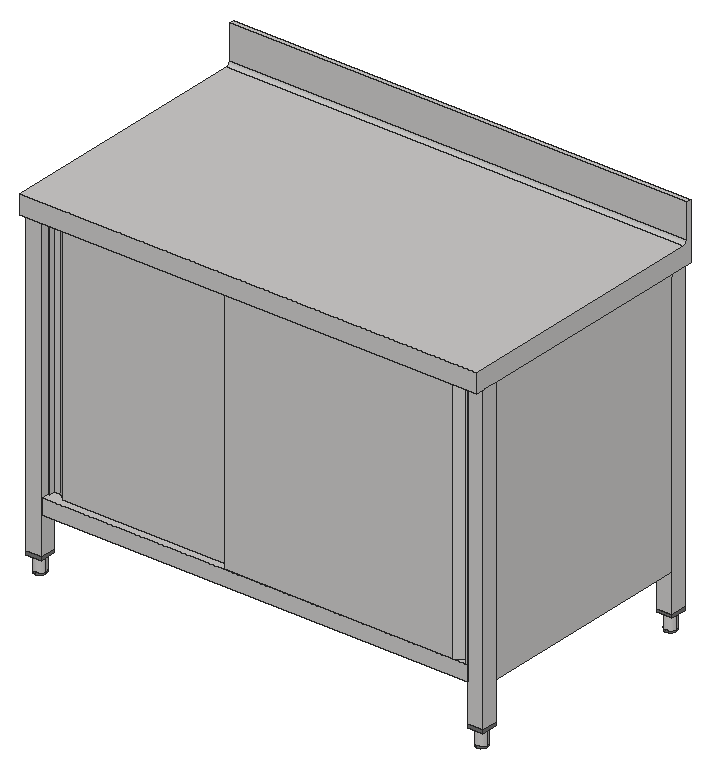
Revit family "QF_ELECTROLUXPROFESSIONAL_134034_GTN1210E", category Attrezzature speciali, Revit 2020
Family settings
  Quota connettore circolare = Usa diametro
  Tipo di parte = Normale
  Basato su piano di lavoro = No
  Sempre verticale = Sì
  Taglio con vuoti quando caricato = No
  Condiviso = No
  Punto di calcolo locali = No
Parameters (values of type "Standard")
  Weight = 66.00 kg
  Watts = 0 W
  Volts = 0 V
  URL Manufacturer = "https://www.electroluxprofessional.com/"
  URL = "https://www.electroluxprofessional.com/"
  Steam Supply Size = 0 mm
  Steam Supply Minimum Pressure = 0.0 Pa
  Steam Supply Maximum Pressure = 0.0 Pa
  Steam Consumption per Hour = 0
  Refrigeration Suction Line Size = 0.0 mm
  Refrigeration Liquid Line Size = 0.0 mm
  Refrigerant Compressor Remote = yes
  Prospetto di default = 0.0 mm
  Produttore = "Electrolux Professional"
  Phase = 0
  Modello = "GTN1210E"
  Length Actual = 1200.0 mm  # constant formula
  Item Number = "134034"
  Hot Water Size = 0 mm
  Height Actual = 1000.0 mm  # constant formula
  HP = "0 HP"
  Gas Size = 0 mm
  Gas KW = 0
  Gas Input Pressure = 0 W
  Direct Waste Size = 0 mm
  Descrizione = "WORKTOP CUPBOARD WITH UPSTAND 1200MM"
  Depth Actual = 700.0 mm  # constant formula
  Cycle = 0 Hz
  Condensate Return Size = 0 mm
  Compressed Air Volume = 0.0 L/s
  Compressed Air Size = 0 mm
  Compressed Air Pressure = 0.0 Pa
  Cold Water Size = 0 mm
  Accessory = yes
Reference planes
  plane 1 "Center (Front/Back)": y = 0
  plane 2: z = 0
  plane 3 "Center (Left/Right)": x = -100
  plane 4 "LEFT": x = -700
  plane 5 "RIGHT": x = 500
  plane 6 "BACK": y = 350
  plane 7 "FRONT": y = -350
  plane 8 "Base": z = 850
  plane 9 "TOP": z = 900
  plane 10: x = -680
  plane 11: x = 480
  plane 12: y = 310
  plane 13: y = -310
  plane 14 "BodyLeft": x = -700
  plane 15 "BodyFront": y = -330
  plane 16 "BodyRight": x = 500
  plane 17 "BodyBack": y = 330
  plane 18 "FEET": z = 150
  plane 19: x = -20
  plane 20: x = -180
Forms (mm)
  Extrusion 1, solid, material "QF_Finishes_Stainless Steel"
    sketch origin (-100, 0, 0) x (0, 1, 0) y (0, 0, 1)
      loop
        line (-350, 850) -> (350, 850) -> (350, 1000) -> (337, 1000) -> (337, 910)
        arc (337, 910) -> (334.071, 902.929) -> (327, 900) r 10
        line (327, 900) -> (-350, 900) -> (-350, 850)
    from 600 to -600
  Extrusion 2, solid, material "QF_Finishes_Stainless Steel"
    sketch origin (0, 0, 150) x (-1, 0, 0) y (0, -1, 0)
      loop
        line (700, -290) -> (700, 290) -> (660, 290) -> (660, -290) -> (700, -290)
      loop
        line (-460, -290) -> (-460, 290) -> (-500, 290) -> (-500, -290) -> (-460, -290)
    from 0 to 700
  Extrusion 3, solid, material "QF_Finishes_Stainless Steel"
    sketch origin (0, 0, 150) x (-1, 0, 0) y (0, -1, 0)
      loop
        line (660, -290) -> (660, 330) -> (-460, 330) -> (-460, -290) -> (660, -290)
    from 0 to 40
  Extrusion 4, solid, material "QF_Finishes_Stainless Steel"
    sketch origin (0, 0, 150) x (-1, 0, 0) y (0, -1, 0)
      loop
        line (660, -290) -> (-460, -290) -> (-460, -330) -> (660, -330) -> (660, -290)
    from 0 to 700
  Extrusion 5, solid, material "QF_Finishes_Stainless Steel"
    sketch origin (0, 0, 150) x (-1, 0, 0) y (0, -1, 0)
      loop
        line (-460, 330) -> (-460, 310) -> (180, 310) -> (180, 330) -> (-420, 330) -> (-440, 315) -> (-455, 315) -> (-455, 330) -> (-460, 330)
    from 40 to 700
  Extrusion 6, solid, material "QF_Finishes_Stainless Steel"
    sketch origin (0, 20, 150) x (1, 0, 0) y (0, 1, 0)
      loop
        line (-660, -330) -> (-655, -330) -> (-655, -315) -> (-640, -315) -> (-620, -330) -> (-20, -330) -> (-20, -310) -> (-660, -310) -> (-660, -330)
    from 40 to 700
  Extrusion 7, solid, material "QF_Finishes_Stainless Steel"
    sketch origin (0, 0, 150) x (-1, 0, 0) y (0, -1, 0)
      loop
        line (660, 290) -> (-460, 290) -> (-460, -290) -> (660, -290) -> (660, 290)
    from 350 to 390
Lines and regions (mm)
  symbolic lines
    curve 1: line (500, 350, 900) -> (-700, 350, 900)
    curve 2: line (-700, 350, 900) -> (-700, -350, 900)
    curve 3: line (-700, -350, 900) -> (500, -350, 900)
    curve 4: line (500, -350, 900) -> (500, 350, 900)
    curve 5: line (-700, 337, 900) -> (500, 337, 900)
  symbolic lines, style "SpecialityEquipmentHiddenLines"
    curve 6: line (-700, 330, 150) -> (500, 330, 150)
    curve 7: line (-700, -330, 150) -> (-700, 330, 150)
    curve 8: line (500, -330, 150) -> (-700, -330, 150)
    curve 9: line (500, 330, 150) -> (500, -330, 150)
    curve 10: line (-660, -290, 150) -> (-20, -290, 150)
    curve 11: line (-20, -290, 150) -> (-20, -310, 150)
    curve 12: line (-660, -310, 150) -> (460, -310, 150)
    curve 13: line (460, -310, 150) -> (460, -330, 150)
    curve 14: line (-180, -310, 150) -> (-180, -330, 150)
    curve 15: line (-660, -290, 150) -> (-660, -310, 150)
Dimensions and locks
  plane 4 "LEFT" to plane 5 "RIGHT" = 1200.0 mm
  equal spacing: plane 4 "LEFT", plane 3 "Center (Left/Right)", plane 5 "RIGHT"
  locked: plane 8 "Base" to level at 850
  plane 9 "TOP" to level = 900.0 mm
  plane 6 "BACK" to plane 7 "FRONT" = 700.0 mm
  equal spacing: plane 6 "BACK", plane 1 "Center (Front/Back)", plane 7 "FRONT"
  locked: plane 4 "LEFT" to plane 14 "BodyLeft"
  locked: plane 16 "BodyRight" to plane 5 "RIGHT"
  locked: plane 15 "BodyFront" to plane 7 "FRONT" at 20
  locked: plane 6 "BACK" to plane 17 "BodyBack" at 20
  locked: plane 14 "BodyLeft" to plane 10 at 20
  locked: plane 11 to plane 16 "BodyRight" at 20
  locked: plane 13 to plane 15 "BodyFront" at 20
  locked: plane 17 "BodyBack" to plane 12 at 20
  plane 10 to plane 11 = 1160.0 mm
  plane 12 to plane 13 = 620.0 mm
  locked: plane 14 "BodyLeft" to Extrusion 2 sketch curve at 40
  Extrusion 2 sketch curve to Extrusion 2 sketch curve = 40.0 mm
  locked: plane 3 "Center (Left/Right)" to plane 19 at 80
  locked: plane 20 to plane 3 "Center (Left/Right)" at 80
  locked: plane 18 "FEET" to plane 2 at 150
  Extrusion 1 to level = 1000.0 mm
  aligned and locked: level to plane 2
  aligned and locked: plane 10 to nested 1
  aligned and locked: nested 1 to plane 13
  aligned and locked: plane 11 to nested 2
  aligned and locked: nested 2 to plane 13
  aligned and locked: plane 11 to nested 4
  aligned and locked: nested 4 to plane 12
  aligned and locked: plane 10 to nested 3
  aligned and locked: nested 3 to plane 12
  aligned and locked: Extrusion 1 to plane 4 "LEFT"
  aligned and locked: plane 5 "RIGHT" to Extrusion 1
  aligned and locked: curve 2 to plane 4 "LEFT"
  aligned and locked: Extrusion 2 sketch curve to plane 14 "BodyLeft"
  aligned and locked: plane 16 "BodyRight" to Extrusion 2 sketch curve
  aligned and locked: plane 8 "Base" to Extrusion 2
  aligned and locked: plane 8 "Base" to Extrusion 5
  aligned and locked: Extrusion 5 to Extrusion 3
  aligned and locked: Extrusion 6 sketch curve to plane 19
  aligned and locked: Extrusion 5 sketch curve to plane 20
  aligned and locked: Extrusion 1 to plane 8 "Base"
  aligned and locked: plane 9 "TOP" to Extrusion 1
  aligned and locked: curve 6 to plane 17 "BodyBack"
  aligned and locked: plane 14 "BodyLeft" to curve 7
  aligned and locked: plane 15 "BodyFront" to curve 8
  aligned and locked: plane 16 "BodyRight" to curve 9
  aligned and locked: Extrusion 3 sketch curve to Extrusion 2  (x2)
  aligned and locked: Extrusion 2 to Extrusion 4 sketch curve  (x2)
  aligned and locked: curve 8 to Extrusion 3 sketch curve
  aligned and locked: Extrusion 3 sketch curve to Extrusion 4
  aligned and locked: Extrusion 4 to plane 18 "FEET"
Automatic sketch dimensions
  Extrusion 5 sketch curve to plane 15 "BodyFront" = 0.0 mm  (x2)
  Extrusion 5 sketch curve to plane 11 = 20.0 mm
  Extrusion 5 sketch curve to Extrusion 5 sketch curve = 5.0 mm
  Extrusion 5 sketch curve to Extrusion 5 sketch curve = 15.0 mm
  Extrusion 5 sketch curve to Extrusion 5 sketch curve = 20.0 mm
  plane 15 "BodyFront" to Extrusion 5 sketch curve = 15.0 mm
  plane 15 "BodyFront" to Extrusion 5 sketch curve = 20.0 mm
  Extrusion 6 sketch curve to plane 15 "BodyFront" = 20.0 mm  (x2)
  Extrusion 6 sketch curve to plane 10 = 20.0 mm
  Extrusion 6 sketch curve to Extrusion 6 sketch curve = 5.0 mm
  Extrusion 6 sketch curve to Extrusion 6 sketch curve = 15.0 mm
  Extrusion 6 sketch curve to Extrusion 6 sketch curve = 20.0 mm  (x2)
  Extrusion 6 sketch curve to plane 15 "BodyFront" = 35.0 mm
  curve 11 to plane 19 = 0.0 mm
  curve 14 to plane 20 = 0.0 mm
  curve 12 to plane 11 = 20.0 mm
  plane 15 "BodyFront" to curve 10 = 40.0 mm
  curve 13 to curve 13 = 20.0 mm
  plane 10 to curve 15 = 20.0 mm
  Extrusion 4 sketch curve to plane 12 = 20.0 mm
  plane 13 to Extrusion 2 sketch curve = 20.0 mm  (x2)
  Extrusion 2 sketch curve to plane 12 = 20.0 mm  (x2)
  Extrusion 4 sketch curve to plane 17 "BodyBack" = 0.0 mm
  Extrusion 7 sketch curve to plane 11 = 20.0 mm
  plane 10 to Extrusion 7 sketch curve = 20.0 mm
  Extrusion 7 sketch curve to plane 12 = 20.0 mm
  plane 13 to Extrusion 7 sketch curve = 20.0 mm
  curve 3 to plane 7 "FRONT" = 0.0 mm
  curve 5 to plane 5 "RIGHT" = 0.0 mm
  curve 4 to plane 6 "BACK" = 0.0 mm
  plane 17 "BodyBack" to curve 5 = 7.0 mm
  Extrusion 1 sketch curve to plane 7 "FRONT" = 0.0 mm
  Extrusion 1 sketch curve to plane 9 "TOP" = 0.0 mm
  Extrusion 1 sketch curve to plane 6 "BACK" = 0.0 mm
  Extrusion 1 sketch curve to plane 8 "Base" = 0.0 mm
  Extrusion 1 sketch curve to plane 17 "BodyBack" = 3.0 mm
  plane 17 "BodyBack" to Extrusion 1 sketch curve = 7.0 mm
  Extrusion 1 sketch curve to Extrusion 1 sketch curve = 90.0 mm
Nested families
  nested 1: "FEET_40x40_APP50" at (-680, -310, 0), type "FEET_40x40_APP50"
  nested 2: "FEET_40x40_APP50" at (480, -310, 0), type "FEET_40x40_APP50"
  nested 3: "FEET_40x40_APP50" at (-680, 310, 0), type "FEET_40x40_APP50"
  nested 4: "FEET_40x40_APP50" at (480, 310, 0), type "FEET_40x40_APP50"
Definition of nested family "FEET_40x40_APP50"
  Parameters
    Default Elevation = 0.0 mm
    FEET = 850.0 mm
  Reference planes
    plane 1 "Center (Front/Back)": y = 0
    plane 2: z = 0
    plane 3 "Center (Left/Right)": x = 0
    plane 4: z = 850
  Forms (mm)
    Extrusion 1, solid
      sketch origin (0, 0, 0) x (1, 0, 0) y (0, 1, 0)
        loop
          line (-20, -20) -> (20, -20) -> (20, 20) -> (-20, 20) -> (-20, -20)
      from 50 to 850
    Extrusion 2, solid
      sketch origin (0, 0, 0) x (1, 0, 0) y (0, 1, 0)
        loop
          circle (0, 0) r 15
      from 0 to 5
    Extrusion 3, solid
      sketch origin (0, 0, 0) x (1, 0, 0) y (0, 1, 0)
        loop
          line (-20, -20) -> (20, -20) -> (20, 20) -> (-20, 20) -> (-20, -20)
      from 50 to 42
    Extrusion 4, solid
      sketch origin (0, 0, 0) x (1, 0, 0) y (0, 1, 0)
        loop
          circle (0, 0) r 15
      from 5 to 42
  Lines and regions (mm)
    symbolic lines
      curve 1: line (0, -1.503, 0) -> (0, 1.508, 0)
      curve 2: line (1.561, 0, 0) -> (-1.439, 0, 0)
  Dimensions and locks
    "FEET": plane 4 to plane 2
    aligned and locked: level to plane 2
  Automatic sketch dimensions
    plane 1 "Center (Front/Back)" to curve 2 = 0.0 mm
    curve 1 to plane 3 "Center (Left/Right)" = 0.0 mm
    curve 2 to plane 3 "Center (Left/Right)" = 1.439 mm
    plane 3 "Center (Left/Right)" to curve 2 = 1.561 mm
    plane 1 "Center (Front/Back)" to curve 1 = 1.503 mm
    curve 1 to plane 1 "Center (Front/Back)" = 1.508 mm
    Extrusion 1 sketch curve to plane 3 "Center (Left/Right)" = 20.0 mm
    plane 3 "Center (Left/Right)" to Extrusion 1 sketch curve = 20.0 mm
    plane 1 "Center (Front/Back)" to Extrusion 1 sketch curve = 20.0 mm
    Extrusion 1 sketch curve to plane 1 "Center (Front/Back)" = 20.0 mm
    plane 1 "Center (Front/Back)" to Extrusion 2 sketch curve = 0.0 mm
    Extrusion 2 sketch curve to plane 3 "Center (Left/Right)" = 0.0 mm
    Extrusion 3 sketch curve to plane 3 "Center (Left/Right)" = 20.0 mm
    plane 3 "Center (Left/Right)" to Extrusion 3 sketch curve = 20.0 mm
    plane 1 "Center (Front/Back)" to Extrusion 3 sketch curve = 20.0 mm
    Extrusion 3 sketch curve to plane 1 "Center (Front/Back)" = 20.0 mm
    plane 1 "Center (Front/Back)" to Extrusion 4 sketch curve = 0.0 mm
    Extrusion 4 sketch curve to plane 3 "Center (Left/Right)" = 0.0 mm
    radius of Extrusion 2 sketch curve = 15.0 mm
    radius of Extrusion 4 sketch curve = 15.0 mm
